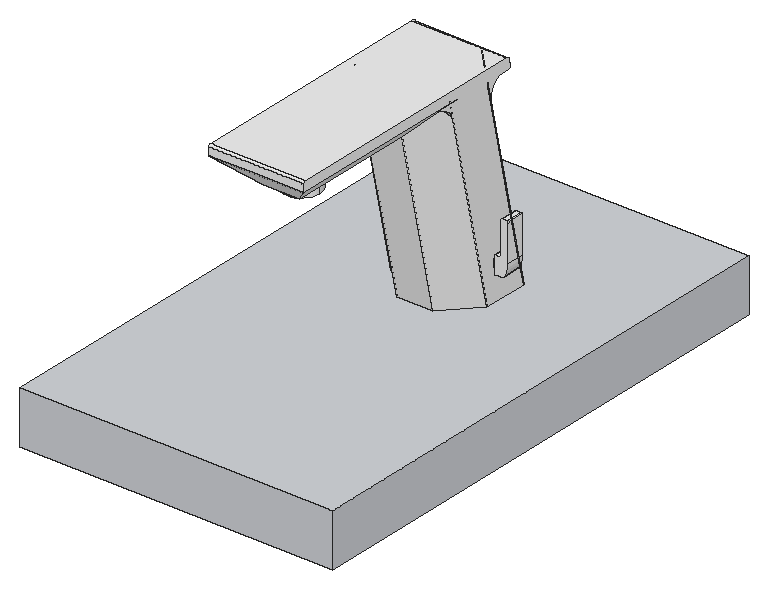
Revit family
Parameters (values of type "Chrome-Polished_Chrome-CP")
  Width = 0' - 2 7/16"
  WFU = 0
  URL = "http://www.us.kohler.com"
  Product Page URL = "http://www.us.kohler.com/onlinecatalog/detail.jsp?prod_num=13466"
  Product Documentation Link = "http://www.us.kohler.com/onlinecatalog/pdf/1102760_4.pdf"
  Model = "K-13466"  # constant formula
  Manufacturer = "Kohler"  # constant formula
  Length = 0' - 7 3/4"
  Installation = "Single-hole"  # constant formula
  Hot Water Radius = 0' - 0 3/16"
  Hot Water Diameter = Hot Water Radius * 2  # 3/8"
  Hot Water Connector = "Hot Water Connector"  # constant formula
  Height = 0' - 5 7/16"
  HWFU = 0
  HW Connection = yes
  Finish = Chrome-Kohler-CP-Polished_Chrome
  Description = "Geometric Touchless deck-mount faucet with temperature mixer"  # constant formula
  Default Elevation = 0' - 0"
  Created By = "http://medialab3dstudio.com/"
  Cold Water Radius = 0' - 0 3/16"
  Cold Water Diameter = Cold Water Radius * 2  # 3/8"
  Cold Water Connector = "Cold Water Connector"  # constant formula
  CWFU = 0
  CW Connection = yes
  Assembly Code = "D2010"
  ADA Compliant = yes
Types (3): name | Product Page URL | Finish
  (no name) | "http://www.us.kohler.com/onlinecatalog/detail.jsp?prod_num=13466" | Chrome-Kohler-CP-Polished_Chrome
  Chrome-Polished_Chrome-CP | "http://www.us.kohler.com/onlinecatalog/detail.jsp?prod_num=13466" | Chrome-Kohler-CP-Polished_Chrome
  Steel-Vibrant_Stainless-VS | "http://www.us.kohler.com/onlinecatalog/detail.jsp?prod_num=13467" | Steel-Kohler-VS-Vibrant_Stainless
Reference planes (in)
  plane 1 "Back": y = 0
  plane 2 "Bottom": z = 0
  plane 3 "Center (Left/Right)": x = 0
  plane 4 "Left": x = -1.21875
  plane 5 "Right": x = 1.21875
  plane 6 "Front": y = -7.75
  plane 7: z = 5.4375
  plane 8: y = -6.31997
  plane 9: x = 0
  plane 10: z = 4.43543
  plane 11: z = 5.18966
  plane 12: z = 4.43543
  plane 13: y = -2.86736
  plane 14: z = 5.18966
  plane 15: z = 4.63505
  plane 16: z = 5.15297
  plane 17: through (0, -1.20984, 5.39736) normal (0, -0.9757, -0.2193)
  plane 18: through (0, -1.94709, 5.39736) normal (0, -0.9757, -0.2193)
  plane 19: through (0, -3.1313, 5.39736) normal (0, -0.9757, -0.2193)
  plane 20: y = 0.14795
  plane 21: y = -2.69186
  plane 22: z = -0.75
  plane 23: through (0, -1.23293, 2.22557) normal (0, 0.9758, 0.2187)
  plane 24: y = -0.54791
  plane 25: y = -1.23293
  plane 26: through (0, -1.23293, 2.22557) normal (0, -0.9758, -0.2187)
  plane 27: y = -0.54791
  plane 28: y = -1.23293
  plane 29: y = -1.28314
  plane 30: y = -2.01863
  plane 31: y = -1.9184
  plane 32 "Center (Front/Back)": y = -3.85872
  plane 33: y = -3.62007
  plane 34: y = -2.95134
  plane 35: y = -1.77288
  plane 36: y = -1.33828
  plane 37: through (-1.22, -0.7342, 48) normal (-0.7239, 0.6899, 0)
  plane 38: through (1.22, -0.7342, 48) normal (-0.7239, -0.6899, 0)
  plane 39: through (-0.46452, -180, 4.43543) normal (-0.7071, 0, -0.7071)
  plane 40: through (0.46452, -180, 4.43543) normal (-0.7071, 0, 0.7071)
  plane 41: y = -1.3263
  plane 42: x = -0.13974
  plane 43: x = 0.13974
  plane 44: z = 4.43543
  plane 45: x = -0.46452
  plane 46: z = 5.18966
  plane 47: z = 2.0644
  plane 48: z = 4.27922
  plane 49: y = -5.8542
  plane 50: y = -6.78573
  plane 51: y = -0.57692
  plane 52: y = -0.57692
  plane 53: z = -0.78778
  plane 54: y = 0.22617
  plane 55: x = 0.32724
  plane 56: x = -0.32724
  plane 57: z = 0.23047
  plane 58: z = 5.21593
  plane 59: y = -1.16906
  plane 60: x = 0.46576
  plane 61: x = -0.46576
  plane 62: y = -6.94185
  plane 63: y = -6.32467
Forms (in)
  Extrusion 1, solid
    sketch origin (0, 0, 0) x (1, 0, 0) y (0, 1, 0)
      loop
        line (-4, 3) -> (-4, -10.31976) -> (3.99389, -10.31976) -> (3.99389, 3) -> (-4, 3)
    from 0 to -1.35077
  Extrusion 2, solid, material "Chrome-Kohler-CP-Polished_Chrome" <- "Finish"
    sketch origin (0, 0, 0) x (0, 1, 0) y (0, 0, 1)
      loop
        line (-0.7342, 0) -> (-1.77288, 4.63505)
        arc (-1.77288, 4.63505) -> (-1.68365, 5.00148) -> (-1.33828, 5.15297) r 0.42536
        line (-1.33828, 5.15297) -> (-1.22005, 5.15297)
        arc (-1.22005, 5.15297) -> (-1.17954, 5.17229) -> (-1.16906, 5.21593) r 0.05212
        line (-1.16906, 5.21593) -> (-1.20984, 5.39736)
        arc (-1.20984, 5.39736) -> (-1.22785, 5.42621) -> (-1.25993, 5.4375) r 0.05141
        line (-1.25993, 5.4375) -> (-7.69863, 5.4375)
        arc (-7.69863, 5.4375) -> (-7.73495, 5.42245) -> (-7.75, 5.38613) r 0.05137
        line (-7.75, 5.38613) -> (-7.75, 5.18966) -> (-3.62007, 5.18966)
        arc (-3.62007, 5.18966) -> (-3.18567, 5.03297) -> (-2.95134, 4.63505) r 0.68046
        line (-2.95134, 4.63505) -> (-1.9184, 0) -> (-0.7342, 0)
    from -1.21875 to 1.21875
  Extrusion 3, solid, material "Chrome-Kohler-CP-Polished_Chrome" <- "Finish"
    sketch origin (0, 0, 0.25897) x (1, 0, 0) y (0, 0, 1)
      loop
        line (-1.21875, 4.93069) -> (-0.46452, 4.17646) -> (0, 4.17646) -> (0.46452, 4.17646) -> (1.21875, 4.93069) -> (0, 4.93069) -> (-1.21875, 4.93069)
    from 2.86736 to 7.75
  Extrusion 4, void
    sketch origin (0, 0.74619, 0) x (0, 1, 0) y (0, 0, 1)
      loop
        line (-8.49619, 5.18966) -> (-8.49619, 4.43543) -> (-7.68804, 4.43543) -> (-8.49619, 5.18966)
    from -1.21875 to 1.21875
  Extrusion 5, solid, material "Chrome-Kohler-CP-Polished_Chrome" <- "Finish"
    sketch origin (0, -6.09131, -3.8885) x (1, 0, 0) y (0, 0.975149, 0.221549)
      loop
        line (-1.21875, 4.93069) -> (-0.46576, 4.17646) -> (0.46576, 4.17646) -> (1.21875, 4.93069) -> (-1.21875, 4.93069)
    from 2.86736 to 8.30557
  Sweep 6, solid, material "Chrome-Kohler-CP-Polished_Chrome" <- "Finish"
    path origin (0, 0, 0) x (0, 1, 0) y (0, 0, 1)
      loop
        line (-0.57692, -0.70182) -> (-1.89716, 5.18966)
    profile origin (0, -1.23704, 2.24392) x (0, -0.975799, -0.218669) y (1, 0, 0)
      loop
        line (0, -1.22) -> (0, 0) -> (-0.70201, 0) -> (-0.70201, -0.53442) -> (0, -1.22)
  Extrusion 7, void
    sketch origin (0, 0, 0) x (0, 1, 0) y (0, 0, 1)
      loop
        line (0.14795, 0) -> (-2.69186, 0) -> (-2.69186, -0.75) -> (0.14795, -0.75) -> (0.14795, 0)
    from -1.21875 to 1.21875
  Extrusion 8, solid, material "Chrome-Kohler-CP-Polished_Chrome" <- "Finish"
    sketch origin (0, 0.44273, 0) x (1, 0, 0) y (0, 1, 0)
      loop
        arc (0, -6.29694) -> (-0.32935, -6.43336) -> (-0.46576, -6.7627) r 0.46576
        arc (-0.46576, -6.7627) -> (-0.32935, -7.09205) -> (0, -7.22847) r 0.46576
        arc (0, -7.22847) -> (0.32935, -7.09205) -> (0.46576, -6.7627) r 0.46576
        arc (0.46576, -6.7627) -> (0.32935, -6.43336) -> (0, -6.29694) r 0.46576
    from 4.27922 to 4.43543
  Extrusion 9, void
    sketch origin (0, 0.61402, 0) x (1, 0, 0) y (0, 1, 0)
      loop
        arc (0, -6.57489) -> (-0.25725, -6.68144) -> (-0.3638, -6.93869) r 0.3638
        arc (-0.3638, -6.93869) -> (-0.25725, -7.19594) -> (0, -7.30249) r 0.3638
        arc (0, -7.30249) -> (0.25725, -7.19594) -> (0.3638, -6.93869) r 0.3638
        arc (0.3638, -6.93869) -> (0.25725, -6.68144) -> (0, -6.57489) r 0.3638
    from 4.27922 to 4.43543
  Sweep 10, solid, material "Chrome-Kohler-CP-Polished_Chrome" <- "Finish"
    path origin (0, 0, 0) x (0, 1, 0) y (0, 0, -1)
      loop
        line (-0.57692, 0.70182) -> (-1.89716, -5.18966)
    profile origin (0, -1.23704, 2.24392) x (0, 0.975799, 0.218669) y (-1, 0, 0)
      loop
        line (0, -1.22) -> (0.70201, -0.53442) -> (0.70201, 0) -> (0, 0) -> (0, -1.22)
  Extrusion 11, void
    sketch origin (0, 0, 0) x (0, 1, 0) y (0, 0, 1)
      loop
        line (0.22617, 0) -> (-1.9184, 0) -> (-1.9184, -0.78778) -> (0.22617, -0.78778) -> (0.22617, 0)
    from -1.21875 to 1.21875
  Extrusion 12, void
    sketch origin (0, 0, 0) x (1, 0, 0) y (0, 1, 0)
      loop
        arc (0.13974, -1.3263) -> (0.19466, -1.45888) -> (0.32724, -1.5138) r 0.1875
        arc (0.32724, -1.5138) -> (0.45982, -1.45888) -> (0.51474, -1.3263) r 0.1875
        arc (0.51474, -1.3263) -> (0.45982, -1.19372) -> (0.32724, -1.1388) r 0.1875
        arc (0.32724, -1.1388) -> (0.19466, -1.19372) -> (0.13974, -1.3263) r 0.1875
      loop
        arc (-0.51474, -1.3263) -> (-0.45982, -1.45888) -> (-0.32724, -1.5138) r 0.1875
        arc (-0.32724, -1.5138) -> (-0.19466, -1.45888) -> (-0.13974, -1.3263) r 0.1875
        arc (-0.13974, -1.3263) -> (-0.19466, -1.19372) -> (-0.32724, -1.1388) r 0.1875
        arc (-0.32724, -1.1388) -> (-0.45982, -1.19372) -> (-0.51474, -1.3263) r 0.1875
    from 0 to 0.23047
Cuts and joins
  Extrusion 4 cuts Extrusion 3
  Extrusion 9 cuts Extrusion 8
  Extrusion 7, Extrusion 12 cuts Extrusion 2
  Extrusion 11 cuts Sweep 6
  Extrusion 11 cuts Sweep 10
  joined: Sweep 6, Sweep 10
  Extrusion 7 cuts Extrusion 5
Lines and regions (in)
  Masking region 1, detail levels coarse
    outline origin (0, 0, 0) x (1, 0, 0) y (0, 0, 1)
      loop
        line (-1.21875, 5.4375) -> (-1.21875, 0) -> (1.21875, 0) -> (1.21875, 5.4375) -> (-1.21875, 5.4375)
  Masking region 2, detail levels medium+fine
    outline origin (0, -3.85872, 0) x (1, 0, 0) y (0, 0, 1)
      loop
        line (-1.21875, 5.4375) -> (-1.21875, 0) -> (1.21875, 0) -> (1.21875, 5.4375) -> (-1.21875, 5.4375)
  Masking region 3, detail levels coarse
    outline origin (0, 0, 0) x (1, 0, 0) y (0, 1, 0)
      loop
        line (-1.21875, 0) -> (-1.21875, -7.75) -> (1.21875, -7.75) -> (1.21875, 0) -> (-1.21875, 0)
  Masking region 4, detail levels medium+fine
    outline origin (0, 0, 0) x (1, 0, 0) y (0, 1, 0)
      loop
        line (-0.52034, 0) -> (-1.21875, -0.73289) -> (-1.21875, -7.75) -> (1.21875, -7.75) -> (1.21875, -0.73289) -> (0.52034, 0) -> (-0.52034, 0)
  Masking region 5, detail levels coarse
    outline origin (0, 0, 0) x (0, 1, 0) y (0, 0, 1)
      loop
        line (0, 5.4375) -> (-7.75, 5.4375) -> (-7.75, 0) -> (0, 0) -> (0, 5.4375)
  Masking region 6, detail levels medium+fine
    outline origin (0, 0, 0) x (0, 1, 0) y (0, 0, 1)
      loop
        line (-0.01477, 0) -> (-1.17523, 5.17848)
        arc (-1.17523, 5.17848) -> (-1.16862, 5.19662) -> (-1.16906, 5.21593) r 0.05212
        line (-1.16906, 5.21593) -> (-1.20984, 5.39736)
        arc (-1.20984, 5.39736) -> (-1.22785, 5.42621) -> (-1.25993, 5.4375) r 0.05141
        line (-1.25993, 5.4375) -> (-7.69863, 5.4375)
        arc (-7.69863, 5.4375) -> (-7.73495, 5.42245) -> (-7.75, 5.38613) r 0.05137
        line (-7.75, 5.38613) -> (-7.75, 5.1882) -> (-6.94185, 4.43543) -> (-6.78573, 4.43543) -> (-6.78573, 4.27922) -> (-5.85501, 4.27922) -> (-5.85501, 4.43543) -> (-3.69956, 4.43543) -> (-2.69186, 0) -> (-0.01477, 0)
  symbolic lines, style "Masking Lines", detail levels medium+fine
    curve 1: line (-1.21875, -7.75, 5.18966) -> (-0.46452, -7.75, 4.43543)
    curve 2: line (-0.46452, -7.75, 4.43543) -> (0.46701, -7.75, 4.43543)
    curve 3: line (0.46701, -7.75, 4.43543) -> (1.22, -7.75, 5.18966)
    curve 4: line (1.22, -7.75, 5.18966) -> (-1.21875, -7.75, 5.18966)
    curve 18: line (1.21875, 0, 5.18966) -> (-1.21875, 0, 5.18966)
  symbolic lines, style "Masking Lines", detail levels fine
    curve 5: line (-0.36255, -7.75, 4.43543) -> (-0.36255, -7.75, 4.27922)
    curve 6: line (-0.36255, -7.75, 4.27922) -> (0.36505, -7.75, 4.27922)
    curve 7: line (0.36505, -7.75, 4.27922) -> (0.36505, -7.75, 4.43543)
    curve 8: line (-0.46452, -7.75, 4.43543) -> (-0.46452, -7.75, 0)
    curve 9: line (0.46701, -7.75, 0) -> (0.46701, -7.75, 4.43543)
    curve 10: arc (0, -1.21847, 5.15297) -> (0, -1.19269, 5.1598) -> (0, -1.17366, 5.17848) r 0.05212
    curve 11: line (0, -1.33671, 5.15297) -> (0, -1.21847, 5.15297)
    curve 12: arc (0, -1.7713, 4.63505) -> (0, -1.68208, 5.00148) -> (0, -1.33671, 5.15297) r 0.42536
    curve 13: line (0, -0.73263, 0) -> (0, -1.7713, 4.63505)
    curve 14: line (0, -2.94137, 4.57192) -> (0, -1.91683, 0)
    curve 15: arc (0, -3.61849, 5.18966) -> (0, -3.16021, 5.01202) -> (0, -2.94137, 4.57192) r 0.67998
    curve 16: line (0, -3.61849, 5.18966) -> (0, -7.75, 5.18966)
    curve 17: line (0, -5.8542, 4.43543) -> (0, -6.78573, 4.43543)
    curve 35: line (0.53442, -1.16906, 0) -> (1.21875, -1.16906, 0)
    curve 36: line (-0.53442, -0.01477, 0) -> (-0.53442, -1.16906, 0)
    curve 37: line (0.53442, -1.16906, 0) -> (0.53442, -0.01477, 0)
    curve 38: line (-0.53442, -1.16906, 0) -> (0.53442, -1.16906, 0)
    curve 39: line (-1.21875, -1.16906, 0) -> (-0.53442, -1.16906, 0)
  symbolic lines, style "Masking Lines", not visible, detail levels medium+fine
    curve 19: line (-1.22, -7.75, 5.18966) -> (-0.46576, -7.75, 4.43543)
    curve 20: line (-0.46576, -7.75, 4.43543) -> (0.46576, -7.75, 4.43543)
    curve 21: line (0.46576, -7.75, 4.43543) -> (1.21875, -7.75, 5.18966)
    curve 22: line (1.21875, -7.75, 5.18966) -> (-1.22, -7.75, 5.18966)
  symbolic lines, style "Masking Lines", not visible, detail levels fine
    curve 23: line (-0.3638, -7.75, 4.43543) -> (-0.3638, -7.75, 4.27922)
    curve 24: line (-0.3638, -7.75, 4.27922) -> (0.3638, -7.75, 4.27922)
    curve 25: line (0.3638, -7.75, 4.27922) -> (0.3638, -7.75, 4.43543)
    curve 26: line (-0.46576, -7.75, 4.43543) -> (-0.46576, -7.75, 0)
    curve 27: line (0.46576, -7.75, 0) -> (0.46576, -7.75, 4.43543)
    curve 28: arc (0, -1.22005, 5.15297) -> (0, -1.19426, 5.1598) -> (0, -1.17523, 5.17848) r 0.05212
    curve 29: line (0, -1.33828, 5.15297) -> (0, -1.22005, 5.15297)
    curve 30: arc (0, -1.77288, 4.63505) -> (0, -1.68365, 5.00148) -> (0, -1.33828, 5.15297) r 0.42536
    curve 31: line (0, -0.7342, 0) -> (0, -1.77288, 4.63505)
    curve 32: line (0, -2.94294, 4.57192) -> (0, -1.9184, 0)
    curve 33: arc (0, -3.62007, 5.18966) -> (0, -3.16178, 5.01202) -> (0, -2.94294, 4.57192) r 0.67998
    curve 34: line (0, -3.62007, 5.18966) -> (0, -7.75157, 5.18966)
Dimensions and locks (in)
  equal spacing: plane 4 "Left", plane 3 "Center (Left/Right)", plane 5 "Right"
  "Height": plane 7 to plane 2 "Bottom"
  locked: plane 8 to plane 6 "Front" at 1.43003
  locked: plane 1 "Back" to plane 13 at 2.86736
  locked: plane 18 to plane 17 at 0.71931
  locked: plane 19 to plane 18 at 1.15539
  locked: plane 7 to plane 16 at 0.28453
  locked: plane 16 to plane 14 at 0.03669
  locked: plane 15 to plane 16 at 0.51793
  locked: plane 13 to plane 30 at 0.84873
  locked: plane 29 to plane 1 "Back" at 1.28314
  locked: plane 13 to plane 31 at 0.94896
  locked: plane 32 "Center (Front/Back)" to plane 13 at 0.99136
  locked: plane 33 to plane 32 "Center (Front/Back)" at 0.23866
  locked: plane 34 to plane 33 at 0.66873
  locked: plane 35 to plane 31 at 0.14553
  locked: plane 36 to plane 35 at 0.43459
  "Length": plane 1 "Back" to plane 6 "Front"
  "Width": plane 4 "Left" to plane 5 "Right"
  locked: plane 41 to plane 1 "Back" at 1.3263
  locked: plane 42 to plane 3 "Center (Left/Right)" at 0.13974
  locked: plane 3 "Center (Left/Right)" to plane 43 at 0.13974
  level to Masking region 2 = 0' - 5 7/16"
  locked: plane 47 to plane 2 "Bottom" at 2.0644
  locked: plane 48 to plane 2 "Bottom" at 4.27922
  plane 50 to plane 6 "Front" = 0' - 0.96427"
  locked: plane 49 to plane 6 "Front" at 1.8958
  locked: plane 1 "Back" to plane 51 at 0.57692
  locked: plane 1 "Back" to plane 52 at 0.57692
  locked: plane 54 to plane 1 "Back" at 0.22617
  locked: plane 2 "Bottom" to plane 53 at 0.78778
  plane 4 "Left" to plane 61 to plane 60 = 0' - 0.75299" locked, 0' - 0.93153" locked
  locked: plane 62 to plane 6 "Front" at 0.80815
  equal spacing: plane 5 "Right", plane 3 "Center (Left/Right)", plane 4 "Left"
  "Cold Water Radius": radius of Extrusion 12 sketch curve
  "Hot Water Radius": radius of Extrusion 12 sketch curve
  locked: plane 23 to plane 1 "Back" (angle 12.6309°)
  locked: plane 37 to plane 4 "Left" (angle 43.6201°)
  locked: plane 5 "Right" to plane 38 (angle 43.6201°)
  aligned and locked: plane 2 "Bottom" to Extrusion 1
  aligned and locked: level to Extrusion 1
  aligned and locked: Extrusion 2 to plane 4 "Left"
  aligned and locked: Extrusion 2 to plane 5 "Right"
  aligned and locked: Extrusion 7 to plane 4 "Left"
  aligned and locked: Extrusion 7 to plane 5 "Right"
  aligned and locked: Masking region 1 sketch curve to plane 7
  aligned and locked: plane 2 "Bottom" to Masking region 1 sketch curve
  aligned and locked: plane 4 "Left" to Masking region 1 sketch curve
  aligned and locked: plane 1 "Back" to Masking region 3 sketch curve
  aligned and locked: plane 6 "Front" to Masking region 3 sketch curve
  aligned and locked: plane 4 "Left" to Masking region 3 sketch curve
  aligned and locked: Masking region 5 sketch curve to plane 7
  aligned and locked: plane 6 "Front" to Masking region 5 sketch curve
  aligned and locked: plane 2 "Bottom" to Masking region 5 sketch curve
  aligned and locked: plane 1 "Back" to Masking region 5 sketch curve
  aligned and locked: plane 3 "Center (Left/Right)" to plane 9
  aligned and locked: plane 9 to Extrusion 8 sketch curve  (x2)
  aligned and locked: plane 8 to Extrusion 8 sketch curve  (x2)
  aligned and locked: Extrusion 4 sketch curve to plane 10
  aligned and locked: Extrusion 4 to plane 5 "Right"
  aligned and locked: Extrusion 4 to plane 4 "Left"
  aligned and locked: Extrusion 2 sketch curve to plane 7
  aligned and locked: plane 7 to Extrusion 2 sketch curve
  aligned and locked: plane 2 "Bottom" to Extrusion 2 sketch curve
  aligned and locked: Extrusion 2 sketch curve to plane 14
  aligned and locked: plane 14 to Extrusion 2 sketch curve
  aligned and locked: Extrusion 2 sketch curve to plane 16
  aligned and locked: Extrusion 7 sketch curve to level
  aligned and locked: plane 21 to Extrusion 7 sketch curve
  aligned and locked: Extrusion 7 sketch curve to plane 22
  aligned and locked: Extrusion 7 sketch curve to plane 20
  aligned and locked: Sweep 6 sketch curve to plane 23
  aligned: plane 24 to Sweep 6 sketch curve
  aligned: plane 25 to Sweep 6 sketch curve
  aligned: Sweep 6 sketch curve to plane 3 "Center (Left/Right)"
  aligned and locked: Sweep 10 sketch curve to plane 26
  aligned and locked: plane 29 to Extrusion 5 sketch curve  (x3)
  aligned and locked: plane 30 to Extrusion 5 sketch curve  (x3)
  aligned and locked: plane 31 to Extrusion 5
  aligned and locked: plane 32 "Center (Front/Back)" to Extrusion 5
  aligned and locked: plane 15 to Extrusion 2 sketch curve  (x2)
  aligned and locked: plane 16 to Extrusion 2 sketch curve
  aligned and locked: plane 17 to Extrusion 2 sketch curve  (x2)
  aligned and locked: plane 6 "Front" to Extrusion 2 sketch curve
  aligned and locked: plane 33 to Extrusion 2 sketch curve
  aligned and locked: plane 34 to Extrusion 2 sketch curve
  aligned and locked: plane 35 to Extrusion 2 sketch curve
  aligned and locked: plane 36 to Extrusion 2 sketch curve
  aligned and locked: plane 5 "Right" to Masking region 2 sketch curve
  aligned and locked: Masking region 2 sketch curve to plane 7
  aligned and locked: Masking region 2 sketch curve to plane 4 "Left"
  aligned and locked: level to Masking region 2 sketch curve
  aligned and locked: plane 5 "Right" to Masking region 1 sketch curve
  aligned and locked: plane 5 "Right" to Masking region 3 sketch curve
  aligned and locked: plane 5 "Right" to Masking region 4 sketch curve
  aligned and locked: plane 6 "Front" to Masking region 4 sketch curve
  aligned and locked: plane 4 "Left" to Masking region 4 sketch curve
  aligned and locked: Masking region 4 sketch curve to plane 1 "Back"
  aligned and locked: plane 37 to Masking region 4 sketch curve
  aligned and locked: plane 38 to Masking region 4 sketch curve
  aligned and locked: plane 11 to Extrusion 3 sketch curve  (x2)
  aligned and locked: Extrusion 3 sketch curve to plane 39
  aligned and locked: plane 40 to Extrusion 3 sketch curve
  aligned and locked: curve 4 to curve 18
  aligned and locked: cut or joined group of Extrusion 3, Extrusion 4 to plane 44
  aligned and locked: plane 45 to curve 8
  aligned and locked: curve 2 to plane 44
  aligned and locked: plane 5 "Right" to curve 18
  aligned and locked: plane 4 "Left" to curve 18
  aligned and locked: plane 47 to nested 1
  aligned and locked: nested 1 to plane 5 "Right"
  aligned and locked: curve 16 to plane 46
  aligned and locked: plane 6 "Front" to curve 16
  aligned and locked: cut or joined group of Extrusion 3, Extrusion 4 to plane 13
  aligned and locked: cut or joined group of Extrusion 3, Extrusion 4 to plane 6 "Front"
  aligned and locked: Extrusion 9 to plane 48
  aligned and locked: plane 44 to Extrusion 9
  aligned and locked: curve 17 to plane 44
  aligned and locked: plane 49 to curve 17
  aligned and locked: plane 50 to curve 17
  aligned and locked: plane 46 to Sweep 6 sketch curve
  aligned and locked: plane 51 to Sweep 6 sketch curve
  aligned and locked: plane 46 to Sweep 10 sketch curve
  aligned and locked: plane 52 to Sweep 10 sketch curve
  aligned and locked: plane 41 to nested 1
  aligned and locked: plane 31 to Extrusion 11 sketch curve
  aligned and locked: Extrusion 11 sketch curve to plane 53
  aligned and locked: Extrusion 11 sketch curve to plane 54
  aligned and locked: Extrusion 11 to plane 4 "Left"
  aligned and locked: Extrusion 11 to plane 5 "Right"
  aligned and locked: plane 41 to Extrusion 12 sketch curve  (x4)
  aligned and locked: plane 55 to Extrusion 12 sketch curve  (x2)
  aligned and locked: plane 56 to Extrusion 12 sketch curve  (x2)
  aligned and locked: plane 57 to Extrusion 12
  aligned and locked: plane 58 to Extrusion 2 sketch curve
  aligned and locked: plane 59 to Masking region 6
  aligned and locked: Sweep 10 to plane 3 "Center (Left/Right)"  (x4)
  aligned and locked: plane 3 "Center (Left/Right)" to Sweep 6
  aligned and locked: plane 4 "Left" to Extrusion 5 sketch curve
  aligned and locked: plane 5 "Right" to Extrusion 5 sketch curve
  aligned and locked: plane 61 to Extrusion 5 sketch curve
  aligned and locked: plane 60 to Extrusion 5 sketch curve
  aligned and locked: plane 3 "Center (Left/Right)" to Extrusion 3 sketch curve  (x2)
  aligned and locked: Extrusion 3 sketch curve to plane 12
  aligned and locked: plane 10 to Extrusion 4 sketch curve
  aligned and locked: plane 62 to Extrusion 4 sketch curve
  aligned and locked: plane 6 "Front" to Extrusion 4 sketch curve
  aligned and locked: plane 46 to Extrusion 4 sketch curve
  aligned and locked: plane 3 "Center (Left/Right)" to Extrusion 9 sketch curve  (x2)
  aligned and locked: plane 63 to Extrusion 9 sketch curve  (x2)
  aligned and locked: plane 44 to cut or joined group of Extrusion 8, Extrusion 9
  aligned and locked: cut or joined group of Extrusion 8, Extrusion 9 to plane 48
  aligned and locked: plane 2 "Bottom" to Extrusion 11
Automatic sketch dimensions
  Sweep 6 sketch curve to plane 3 "Center (Left/Right)" = 0' - 0"
  Sweep 6 sketch curve to profile plane = 0' - 0"
  profile plane to Sweep 6 sketch curve = 0' - 0.70201"
  Sweep 6 sketch curve to plane 3 "Center (Left/Right)" = 0' - 0.53442"
  Sweep 6 sketch curve to Sweep 6 sketch curve = 0' - 0.68558"
  Sweep 10 sketch curve to profile plane = 0' - 0"  (x2)
  Sweep 10 sketch curve to profile plane = 0' - 0.70201"
  Sweep 10 sketch curve to Sweep 10 sketch curve = 0' - 0.68558"
  Extrusion 1 sketch curve to Extrusion 1 sketch curve = 0' - 7.99389"
  Extrusion 1 sketch curve to Extrusion 1 sketch curve = 1' - 1.31976"
  Extrusion 5 sketch curve to plane 4 "Left" = 0' - 0"
  Extrusion 5 sketch curve to plane 5 "Right" = 0' - 0"
  Extrusion 5 sketch curve to plane 3 "Center (Left/Right)" = 0' - 0.46576"
  plane 3 "Center (Left/Right)" to Extrusion 5 sketch curve = 0' - 0.46576"
  Extrusion 5 sketch curve to Extrusion 5 sketch curve = 0' - 0.75423"
  Extrusion 8 sketch curve to plane 3 "Center (Left/Right)" = 0' - 0.46576"
  Masking region 6 sketch curve to plane 6 "Front" = 0' - 0"
  Masking region 6 sketch curve to plane 7 = 0' - 0"
  Masking region 6 sketch curve to level = 0' - 0"
  plane 6 "Front" to Masking region 6 sketch curve = 0' - 0.05137"
  plane 6 "Front" to Masking region 6 sketch curve = 0' - 0.80815"
  Masking region 6 sketch curve to Masking region 6 sketch curve = 0' - 0.15612"
  Masking region 6 sketch curve to Masking region 6 sketch curve = 0' - 0.93072"
  plane 13 to Masking region 6 sketch curve = 0' - 0.8322"
  Masking region 6 sketch curve to plane 13 = 0' - 0.1755"
  Masking region 6 sketch curve to plane 7 = 0' - 0.05141"
  plane 1 "Back" to Masking region 6 sketch curve = 0' - 1.25999"
  Masking region 6 sketch curve to Masking region 6 sketch curve = 0' - 0.00007"
  Masking region 6 sketch curve to Masking region 6 sketch curve = 0' - 0.03995"
  Masking region 6 sketch curve to plane 7 = 0' - 0.04014"
  Masking region 6 sketch curve to Masking region 6 sketch curve = 0' - 0.04482"
  Masking region 6 sketch curve to Masking region 6 sketch curve = 0' - 0.00617"
  plane 1 "Back" to Masking region 6 sketch curve = 0' - 0.01477"
  Masking region 6 sketch curve to plane 7 = 0' - 1.15828"
  Masking region 6 sketch curve to Masking region 6 sketch curve = 0' - 0.15621"  (x2)
  Masking region 6 sketch curve to Masking region 6 sketch curve = 0' - 0.21888"
  Masking region 6 sketch curve to Masking region 6 sketch curve = 0' - 0.19793"
  Masking region 6 sketch curve to Masking region 6 sketch curve = 0' - 0.02661"
  Sweep 10 sketch curve to profile plane = 0' - 0.53442"
  Extrusion 11 sketch curve to level = 0' - 0"
  plane 19 to Extrusion 2 sketch curve = 0' - 0"
  plane 18 to Extrusion 2 sketch curve = 0' - 0"
  plane 6 "Front" to Extrusion 2 sketch curve = 0' - 0.05137"
  Extrusion 2 sketch curve to plane 36 = 0' - 0 5/256"
  Extrusion 2 sketch curve to plane 7 = 0' - 0.05141"
  Extrusion 2 sketch curve to Extrusion 2 sketch curve = 0' - 0.07829"
  Extrusion 2 sketch curve to plane 14 = 0' - 0.01543"
  Extrusion 2 sketch curve to plane 7 = 0' - 0.04014"
  Extrusion 9 sketch curve to plane 45 = 0' - 0.10071"
  curve 39 to plane 4 "Left" = 0' - 0"
  curve 35 to plane 5 "Right" = 0' - 0"
  plane 1 "Back" to curve 37 = 0' - 0.01477"
  plane 1 "Back" to curve 36 = 0' - 0.01477"
  curve 38 to plane 41 = 0' - 0.15724"
  plane 45 to curve 36 = 0' - 0.0699"
  curve 37 to plane 43 = 0' - 0.39468"
Nested families (in)
  nested 1: "Mixer_Handle" at (1.30636, -1.3263, 0.72069), type "Mixer_Handle"
Connectors (in)
  piping at (0.32724, -1.3263, 0), driven by "Cold Water Radius", driven by "CW Connection", driven by "Cold Water Connector", driven by "CWFU"
    settings: on cut or joined group of Extrusion 2, Extrusion 7, Extrusion 12, index 1, connector radius 3/16", flow factor 0, pipe flow 0.0 GPM, pressure drop 0.00 psi, fitting loss kfactor 0, connector angle 0.00°, fixture units 0, flow configuration 3, flow direction 1, fitting loss method 0, system type 20, connector reference index -1, connector utility 1, adjustable connector no, is connector primary yes, fitting loss table "", connector description "Cold Water Connector"
  piping at (-0.32724, -1.3263, 0), driven by "Hot Water Radius", driven by "HW Connection", driven by "Hot Water Connector", driven by "HWFU"
    settings: on cut or joined group of Extrusion 2, Extrusion 7, Extrusion 12, index 2, connector radius 3/16", flow factor 0, pipe flow 0.0 GPM, pressure drop 0.00 psi, fitting loss kfactor 0, connector angle 0.00°, fixture units 0, flow configuration 3, flow direction 1, fitting loss method 0, system type 19, connector reference index -1, connector utility 1, adjustable connector no, is connector primary no, fitting loss table "", connector description "Hot Water Connector"
Definition of nested family "Mixer_Handle"
  Parameters (values of type "Mixer_Handle")
    Finish = Steel-Kohler-VS-Vibrant_Stainless
    Assembly Code = ""
  Reference planes (in)
    plane 1 "Back": y = 0
    plane 2 "Bottom": z = 0
    plane 3 "Center (Left/Right)": x = 0
    plane 4 "Left": x = -0.08761
    plane 5 "Right": x = 0.35823
    plane 6 "Front": y = -0.44772
    plane 7 "Top": z = 1.34371
    plane 8: z = 0.05189
    plane 9: z = 0.39676
    plane 10: z = 0.49781
    plane 11: z = 0.021
    plane 12: z = 0.42756
    plane 13: x = 0.02683
    plane 14: z = 0.44937
    plane 15: x = 0.11407
    plane 16: z = 0.07558
    plane 17: x = 0.29213
    plane 18: z = 0.36191
    plane 19: z = 1.31682
    plane 20: x = 0.2062
    plane 21: x = 0.33135
    plane 22: z = 0.49781
    plane 23: z = 0.46248
    plane 24: x = 0.10699
    plane 25: y = -0.05224
    plane 26: y = -0.3971
    plane 27: y = -0.3971
    plane 28: y = -0.05224
    plane 29: x = 0.17893
    plane 30: y = -0.22467
    plane 31: z = 0.22432
    plane 32: x = 0.17893
  Forms (in)
    Extrusion 1, solid, material "Steel-Kohler-VS-Vibrant_Stainless" <- "Finish", detail levels medium+fine
      sketch origin (0, 0, 0) x (1, 0, 0) y (0, 0, 1)
        loop
          arc (0, 0.02639) -> (0.00773, 0.00773) -> (0.02639, 0) r 0.02639
          line (0.02639, 0) -> (0.11407, 0)
          arc (0.11407, 0) -> (0.21207, 0.01666) -> (0.29213, 0.07558) r 0.21523
          arc (0.29213, 0.07558) -> (0.34149, 0.21498) -> (0.35823, 0.36191) r 0.65317
          line (0.35823, 0.36191) -> (0.35823, 1.31682)
          arc (0.35823, 1.31682) -> (0.35036, 1.33583) -> (0.33135, 1.34371) r 0.02689
          line (0.33135, 1.34371) -> (0.2062, 1.34371)
          arc (0.2062, 1.34371) -> (0.18692, 1.33572) -> (0.17893, 1.31644) r 0.02727
          line (0.17893, 1.31644) -> (0.17893, 0.49781)
          arc (0.17893, 0.49781) -> (0.17534, 0.47797) -> (0.16245, 0.46248) r 0.03959
          arc (0.16245, 0.46248) -> (0.13609, 0.44976) -> (0.10699, 0.44657) r 0.08641
          arc (0.10699, 0.44657) -> (0.06689, 0.44732) -> (0.02683, 0.44937) r 1.22708
          arc (0.02683, 0.44937) -> (0.00786, 0.44151) -> (0, 0.42254) r 0.02683
          line (0, 0.42254) -> (0, 0.02639)
      from 0 to 0.44772
    Extrusion 2, solid, material "Steel-Kohler-VS-Vibrant_Stainless" <- "Finish", detail levels medium+fine
      sketch origin (0, -0.22467, 0) x (0, 1, 0) y (0, 0, 1)
        loop
          arc (0.17243, 0.22432) -> (0.12193, 0.34625) -> (0, 0.39676) r 0.17243
          arc (0, 0.39676) -> (-0.12193, 0.34625) -> (-0.17243, 0.22432) r 0.17243
          arc (-0.17243, 0.22432) -> (-0.12193, 0.1024) -> (0, 0.05189) r 0.17243
          arc (0, 0.05189) -> (0.12193, 0.1024) -> (0.17243, 0.22432) r 0.17243
      from -0.08761 to 0
  Cuts and joins
    joined: Extrusion 1, Extrusion 2
  Lines and regions (in)
    Masking region 1, detail levels coarse
      outline origin (0, -0.44772, 0) x (-1, 0, 0) y (0, 0, 1)
        loop
          line (0.08761, 1.34371) -> (-0.35823, 1.34371) -> (-0.35823, 0) -> (0.08761, 0) -> (0.08761, 1.34371)
    Masking region 2, detail levels medium
      outline origin (0, -0.44772, 0) x (-1, 0, 0) y (0, 0, 1)
        loop
          line (0.08761, 0.05189) -> (0.08761, 0.39676) -> (0, 0.39676) -> (0, 0.49781) -> (-0.17893, 0.49781) -> (-0.17893, 1.34371) -> (-0.35823, 1.34371) -> (-0.35823, 0) -> (0, 0) -> (0, 0.05189) -> (0.08761, 0.05189)
    Masking region 3, detail levels fine
      outline origin (0, -0.44772, 0) x (-1, 0, 0) y (0, 0, 1)
        loop
          line (0.08761, 0.05189) -> (0.08761, 0.39676) -> (0, 0.39676) -> (0, 0.42756)
          arc (0, 0.42756) -> (-0.00923, 0.44361) -> (-0.02683, 0.44937) r 0.02583
          arc (-0.02683, 0.44937) -> (-0.06689, 0.44732) -> (-0.10699, 0.44657) r 1.22708
          arc (-0.10699, 0.44657) -> (-0.13609, 0.44976) -> (-0.16245, 0.46248) r 0.08641
          arc (-0.16245, 0.46248) -> (-0.17534, 0.47797) -> (-0.17893, 0.49781) r 0.03959
          line (-0.17893, 0.49781) -> (-0.17893, 1.31644)
          arc (-0.17893, 1.31644) -> (-0.18692, 1.33572) -> (-0.2062, 1.34371) r 0.02727
          line (-0.2062, 1.34371) -> (-0.33135, 1.34371)
          arc (-0.33135, 1.34371) -> (-0.35036, 1.33583) -> (-0.35823, 1.31682) r 0.02689
          line (-0.35823, 1.31682) -> (-0.35823, 0.36191)
          arc (-0.35823, 0.36191) -> (-0.34149, 0.21498) -> (-0.29213, 0.07558) r 0.65317
          arc (-0.29213, 0.07558) -> (-0.21207, 0.01666) -> (-0.11407, 0) r 0.21523
          line (-0.11407, 0) -> (-0.02639, 0)
          arc (-0.02639, 0) -> (-0.00953, 0.00589) -> (0, 0.021) r 0.02708
          line (0, 0.021) -> (0, 0.05189) -> (0.08761, 0.05189)
    Masking region 4, detail levels coarse
      outline origin (0, 0, 0) x (1, 0, 0) y (0, 1, 0)
        loop
          line (-0.08761, 0) -> (-0.08761, -0.44772) -> (0.35823, -0.44772) -> (0.35823, 0) -> (-0.08761, 0)
    Masking region 5, detail levels medium+fine
      outline origin (0, 0, 0) x (1, 0, 0) y (0, 1, 0)
        loop
          line (-0.08761, -0.05224) -> (-0.08761, -0.3971) -> (0, -0.3971) -> (0, -0.44772) -> (0.35823, -0.44772) -> (0.35823, 0) -> (0, 0) -> (0, -0.05224) -> (-0.08761, -0.05224)
    Masking region 6, detail levels fine
      outline origin (0.35823, 0, 0) x (0, 1, 0) y (0, 0, 1)
        loop
          line (0, 1.34371) -> (-0.44772, 1.34371) -> (-0.44772, 0) -> (0, 0) -> (0, 1.34371)
    symbolic lines, style "Masking Lines", detail levels fine
      curve 1: line (0, -0.05224, 0) -> (0, -0.3971, 0)
  Dimensions and locks (in)
    locked: plane 8 to plane 2 "Bottom" at 0.05189
    locked: plane 9 to plane 8 at 0.34486
    locked: plane 10 to plane 9 at 0.10106
    locked: plane 26 to plane 6 "Front" at 0.05062
    locked: plane 26 to plane 25 at 0.34486
    locked: plane 25 to plane 1 "Back" at 0.05224
    plane 4 "Left" to plane 3 "Center (Left/Right)" to plane 5 "Right" = 0' - 0.08761" locked, 0' - 0.35823" locked
    plane 1 "Back" to plane 28 to plane 27 to plane 6 "Front" = 0' - 0.05224" locked, 0' - 0.34486" locked, 0' - 0.05062" locked
    locked: plane 29 to plane 4 "Left" at 0.26654
    locked: plane 7 "Top" to plane 2 "Bottom" at 1.34371
    locked: plane 31 to plane 2 "Bottom" at 0.22432
    locked: cut or joined group of Extrusion 1, Extrusion 2 to plane 30 at 0.22467
    aligned and locked: plane 2 "Bottom" to level
    aligned and locked: plane 5 "Right" to Extrusion 1
    aligned and locked: Extrusion 1 to plane 3 "Center (Left/Right)"
    aligned and locked: plane 7 "Top" to Extrusion 1
    aligned and locked: Extrusion 1 to plane 2 "Bottom"
    aligned and locked: Extrusion 1 to plane 6 "Front"
    aligned and locked: Extrusion 1 to plane 1 "Back"
    aligned and locked: Extrusion 2 to plane 4 "Left"
    aligned and locked: plane 3 "Center (Left/Right)" to Extrusion 2
    aligned and locked: Masking region 1 sketch curve to plane 7 "Top"
    aligned and locked: Masking region 1 sketch curve to plane 5 "Right"
    aligned and locked: plane 2 "Bottom" to Masking region 1 sketch curve
    aligned and locked: plane 4 "Left" to Masking region 1 sketch curve
    aligned and locked: Masking region 2 sketch curve to plane 5 "Right"
    aligned and locked: Masking region 2 sketch curve to plane 7 "Top"
    aligned and locked: plane 2 "Bottom" to Masking region 2 sketch curve
    aligned and locked: plane 3 "Center (Left/Right)" to Masking region 2 sketch curve
    aligned and locked: Masking region 2 sketch curve to plane 3 "Center (Left/Right)"
    aligned and locked: plane 4 "Left" to Masking region 2 sketch curve
    aligned and locked: plane 8 to Masking region 2 sketch curve
    aligned and locked: plane 9 to Masking region 2 sketch curve
    aligned and locked: plane 10 to Masking region 2 sketch curve
    aligned and locked: Masking region 3 sketch curve to cut or joined group of Extrusion 1, Extrusion 2  (x12)
    aligned and locked: plane 11 to Masking region 3 sketch curve
    aligned and locked: plane 12 to Masking region 3 sketch curve
    aligned and locked: plane 3 "Center (Left/Right)" to Masking region 3 sketch curve
    aligned and locked: plane 13 to Masking region 3 sketch curve
    aligned and locked: plane 14 to Masking region 3 sketch curve
    aligned and locked: plane 2 "Bottom" to Masking region 3 sketch curve  (x3)
    aligned and locked: plane 15 to Masking region 3 sketch curve
    aligned and locked: plane 16 to Masking region 3 sketch curve
    aligned and locked: plane 17 to Masking region 3 sketch curve
    aligned and locked: plane 18 to Masking region 3 sketch curve
    aligned and locked: plane 5 "Right" to Masking region 3 sketch curve
    aligned and locked: plane 19 to cut or joined group of Extrusion 1, Extrusion 2
    aligned and locked: plane 19 to Masking region 3 sketch curve
    aligned and locked: plane 20 to cut or joined group of Extrusion 1, Extrusion 2
    aligned and locked: plane 21 to cut or joined group of Extrusion 1, Extrusion 2
    aligned and locked: plane 22 to cut or joined group of Extrusion 1, Extrusion 2
    aligned and locked: plane 23 to cut or joined group of Extrusion 1, Extrusion 2
    aligned and locked: plane 23 to Masking region 3 sketch curve
    aligned and locked: plane 22 to Masking region 3 sketch curve
    aligned and locked: plane 24 to cut or joined group of Extrusion 1, Extrusion 2
    aligned and locked: plane 24 to Masking region 3 sketch curve
    aligned and locked: plane 1 "Back" to Masking region 4 sketch curve
    aligned and locked: Masking region 4 sketch curve to plane 5 "Right"
    aligned and locked: plane 6 "Front" to Masking region 4 sketch curve
    aligned and locked: plane 4 "Left" to Masking region 4 sketch curve
    aligned and locked: plane 4 "Left" to Masking region 5 sketch curve
    aligned and locked: plane 1 "Back" to Masking region 5 sketch curve
    aligned and locked: plane 3 "Center (Left/Right)" to Masking region 5 sketch curve  (x2)
    aligned and locked: Masking region 5 sketch curve to plane 5 "Right"
    aligned and locked: plane 6 "Front" to Masking region 5 sketch curve
    aligned and locked: plane 25 to Masking region 5 sketch curve
    aligned and locked: plane 26 to Masking region 5 sketch curve
    aligned and locked: cut or joined group of Extrusion 1, Extrusion 2 to plane 3 "Center (Left/Right)"
    aligned and locked: Masking region 6 sketch curve to plane 7 "Top"
    aligned and locked: plane 6 "Front" to Masking region 6 sketch curve
    aligned and locked: plane 2 "Bottom" to Masking region 6 sketch curve
    aligned and locked: plane 1 "Back" to Masking region 6 sketch curve
    aligned and locked: curve 1 to plane 3 "Center (Left/Right)"
    aligned and locked: plane 28 to curve 1
    aligned and locked: plane 27 to curve 1
    aligned and locked: plane 29 to Masking region 2 sketch curve
    aligned and locked: plane 30 to Extrusion 2 sketch curve  (x2)
    aligned and locked: plane 31 to Extrusion 2 sketch curve  (x2)
    aligned and locked: Extrusion 1 sketch curve to plane 32
